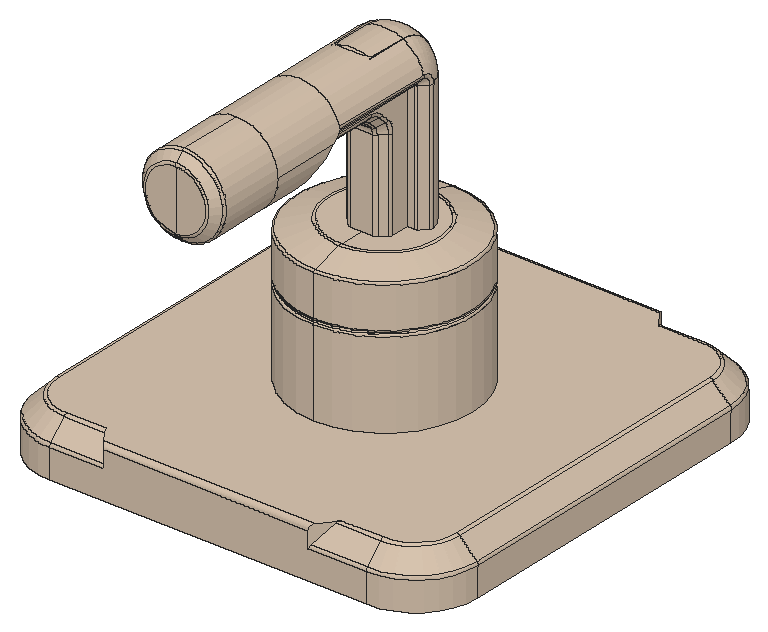
Revit family "Shower-Valve_Trim-KALLISTA-Vice-P34590", category Specialty Equipment, host Face, Revit 2021 (continued)
Definition of nested family "P34590"
  Automatic sketch dimensions
    Sweep 1 sketch curve to Sweep 1 sketch curve = 0.74803"  (x3)
    plane 6 to Sweep 1 sketch curve = 0.74803"
    Sweep 1 sketch curve to plane 4 = 1.24016"
    Sweep 1 sketch curve to level = 0"
    profile plane to Sweep 1 sketch curve = 0"
    profile plane to Sweep 1 sketch curve = 0.0173"
    Sweep 1 sketch curve to Sweep 1 sketch curve = 0.05906"
    profile plane to Sweep 1 sketch curve = 0.21882"
    Sweep 1 sketch curve to Sweep 1 sketch curve = 0.04176"  (x2)
    profile plane to Sweep 1 sketch curve = 0.29169"
    level to Sweep 1 sketch curve = 0.34965"
    Sweep 1 sketch curve to Sweep 1 sketch curve = 0.20153"
    plane 6 to Extrusion 2 sketch curve = 0.29169"
    Extrusion 2 sketch curve to Extrusion 2 sketch curve = 0.45634"  (x2)
    Extrusion 2 sketch curve to plane 7 = 0.74803"  (x2)
    Extrusion 2 sketch curve to plane 7 = 0.29169"
    Extrusion 2 sketch curve to plane 4 = 0.78382"
    plane 5 to Extrusion 2 sketch curve = 0.74803"
    Extrusion 3 sketch curve to plane 10 = 0"  (x2)
    Extrusion 3 sketch curve to plane 5 = 0"
    plane 5 to Extrusion 3 sketch curve = 0.05906"
    Extrusion 3 sketch curve to Extrusion 3 sketch curve = 0.37417"  (x2)
    Extrusion 3 sketch curve to plane 4 = 0.92535"
    Extrusion 3 sketch curve to plane 10 = 0.05906"
    level to Extrusion 3 sketch curve = 0.17701"  (x2)
    Revolve 4 sketch curve to plane 1 "Center (Front/Back)" = 0"  (x2)
    Revolve 4 sketch curve to plane 10 = 0"
    Revolve 4 sketch curve to Revolve 4 sketch curve = 83/128"
    Revolve 4 sketch curve to Revolve 4 sketch curve = 0.03376"
    Revolve 4 sketch curve to Revolve 4 sketch curve = 0.07298"
    Revolve 4 sketch curve to Revolve 4 sketch curve = 0.05785"
    Revolve 4 sketch curve to Revolve 4 sketch curve = 0.34824"
    Revolve 4 sketch curve to Revolve 4 sketch curve = 0.00843"
    Revolve 4 sketch curve to Revolve 4 sketch curve = 0.26102"
    Revolve 4 sketch curve to Revolve 4 sketch curve = 0.00173"
    Revolve 4 sketch curve to Revolve 4 sketch curve = 0.02953"
    Revolve 4 sketch curve to Revolve 4 sketch curve = 0.01969"
    Revolve 4 sketch curve to Revolve 4 sketch curve = 1.03366"
    Revolve 4 sketch curve to Revolve 4 sketch curve = 0.03008"
    Revolve 4 sketch curve to Revolve 4 sketch curve = 0.49109"
    Revolve 4 sketch curve to Revolve 4 sketch curve = 0.02117"
    Revolve 4 sketch curve to Revolve 4 sketch curve = 0.11335"
    Revolve 4 sketch curve to plane 9 = 0.84852"
    Revolve 4 sketch curve to plane 9 = 0.25797"
    Revolve 5 sketch curve to plane 1 "Center (Front/Back)" = 0"  (x2)
    Revolve 5 sketch curve to plane 10 = 0"
    Revolve 5 sketch curve to Revolve 5 sketch curve = 1.06167"
    Revolve 5 sketch curve to Revolve 5 sketch curve = 1.73365"
    Revolve 5 sketch curve to plane 9 = 0.84852"
    Revolve 5 sketch curve to plane 9 = 0.25797"
    plane 11 to Extrusion 6 sketch curve = 0.48682"  (x2)
    plane 11 to Extrusion 6 sketch curve = 0.05169"  (x2)
    Extrusion 6 sketch curve to plane 12 = 0.01556"  (x2)
    Extrusion 6 sketch curve to plane 12 = 0.4999"  (x2)
    Extrusion 6 sketch curve to plane 4 = 0.31297"  (x2)
    Extrusion 6 sketch curve to Extrusion 6 sketch curve = 0.59889"
    Extrusion 6 sketch curve to Extrusion 6 sketch curve = 0.66663"
    plane 5 to Extrusion 6 sketch curve = 0.48747"
    plane 5 to Extrusion 6 sketch curve = 0.41973"
    Extrusion 6 sketch curve to plane 5 = 0.17916"  (x2)
    Sweep 7 sketch curve to plane 9 = 0.76627"
    Sweep 7 sketch curve to plane 4 = 2.61051"
    Sweep 7 sketch curve to plane 9 = 0.79463"
    Sweep 7 sketch curve to Sweep 7 sketch curve = 0.06846"
    Sweep 7 sketch curve to Sweep 7 sketch curve = 0.08159"
    Sweep 7 sketch curve to plane 9 = 0.88956"
    Sweep 7 sketch curve to Sweep 7 sketch curve = 0.08181"
    Sweep 7 sketch curve to Sweep 7 sketch curve = 0.03389"
    Sweep 7 sketch curve to Sweep 7 sketch curve = 1.21379"
    Sweep 7 sketch curve to Sweep 7 sketch curve = 1.12513"
    Sweep 7 sketch curve to profile plane = 0"
    profile plane to Sweep 7 sketch curve = 0.01705"  (x2)
    profile plane to Sweep 7 sketch curve = 0.05713"
    Sweep 7 sketch curve to Sweep 7 sketch curve = 0.04009"
    profile plane to Sweep 7 sketch curve = 0.09601"  (x2)
    Sweep 7 sketch curve to Sweep 7 sketch curve = 0.04125"  (x2)
    Sweep 7 sketch curve to Sweep 7 sketch curve = 0.21146"
    Sweep 7 sketch curve to profile plane = 0.2703"
    Sweep 7 sketch curve to Sweep 7 sketch curve = 0.0169"
    Sweep 7 sketch curve to Sweep 7 sketch curve = 0.07776"
    profile plane to Sweep 7 sketch curve = 0.13493"
    Sweep 7 sketch curve to Sweep 7 sketch curve = 0.07657"
    Sweep 7 sketch curve to Sweep 7 sketch curve = 0.0419"
    Extrusion 8 sketch curve to plane 9 = 0.87183"
    Extrusion 8 sketch curve to plane 4 = 2.60177"
    Extrusion 8 sketch curve to Extrusion 8 sketch curve = 0.00874"
    Extrusion 8 sketch curve to Extrusion 8 sketch curve = 0.08137"
    Extrusion 8 sketch curve to plane 9 = 0.55678"
    Extrusion 8 sketch curve to Extrusion 8 sketch curve = 0.30632"
    Extrusion 8 sketch curve to plane 9 = 0.65149"
    Extrusion 8 sketch curve to Extrusion 8 sketch curve = 0.09471"
    Extrusion 8 sketch curve to Extrusion 8 sketch curve = 0.13595"
    Extrusion 8 sketch curve to Extrusion 8 sketch curve = 0.08589"
    Extrusion 8 sketch curve to plane 9 = 0.97137"
    Extrusion 8 sketch curve to plane 9 = 0.35789"
    Sweep 9 sketch curve to plane 9 = 0.51027"
    Sweep 9 sketch curve to plane 4 = 3.14181"
    Sweep 9 sketch curve to Sweep 9 sketch curve = 0.51181"
    Sweep 9 sketch curve to Sweep 9 sketch curve = 1.37795"
    Sweep 9 sketch curve to plane 9 = 2.14861"
    Sweep 9 sketch curve to profile plane = 0.37241"
    Sweep 9 sketch curve to profile plane = 0.37409"
    Sweep 9 sketch curve to Sweep 9 sketch curve = 0.02239"
    Sweep 9 sketch curve to Sweep 9 sketch curve = 0.02862"
    Sweep 9 sketch curve to Sweep 9 sketch curve = 0.08324"
    Sweep 9 sketch curve to Sweep 9 sketch curve = 0.08686"
    Sweep 9 sketch curve to Sweep 9 sketch curve = 0.02817"
    Sweep 9 sketch curve to Sweep 9 sketch curve = 0.02687"
    Sweep 9 sketch curve to Sweep 9 sketch curve = 0.01393"
    profile plane to Sweep 9 sketch curve = 0.0001"
    Sweep 9 sketch curve to Sweep 9 sketch curve = 0.00033"
    Sweep 9 sketch curve to profile plane = 0.36263"
    Sweep 9 sketch curve to Sweep 9 sketch curve = 0.08657"
    Sweep 9 sketch curve to Sweep 9 sketch curve = 0.02487"
    profile plane to Sweep 9 sketch curve = 0.36454"
    Sweep 9 sketch curve to Sweep 9 sketch curve = 0.0747"
    Sweep 9 sketch curve to Sweep 9 sketch curve = 0.03178"
    Sweep 9 sketch curve to Sweep 9 sketch curve = 0"
    plane 3 "Center (Left/Right)" to Extrusion 10 sketch curve = 0.0001"
    Extrusion 10 sketch curve to plane 9 = 0.49821"
    Revolve 11 sketch curve to plane 9 = 0.49821"
    Revolve 11 sketch curve to plane 4 = 0.00423"
    Revolve 11 sketch curve to plane 9 = 0.1048"
    Revolve 11 sketch curve to Revolve 11 sketch curve = 0.01202"
    Revolve 11 sketch curve to Revolve 11 sketch curve = 0.02901"
    Revolve 11 sketch curve to plane 9 = 0.01315"
    Revolve 11 sketch curve to Revolve 11 sketch curve = 0.09166"
    Revolve 11 sketch curve to Revolve 11 sketch curve = 0.03605"  (x2)
    Revolve 11 sketch curve to Revolve 11 sketch curve = 0.77894"
    Revolve 11 sketch curve to Revolve 11 sketch curve = 0.10245"
    Revolve 11 sketch curve to Revolve 11 sketch curve = 0"
    Extrusion 12 sketch curve to plane 9 = 1.00823"
    Extrusion 12 sketch curve to plane 4 = 1.24253"
    Extrusion 12 sketch curve to plane 9 = 0.38563"
    Extrusion 12 sketch curve to Extrusion 12 sketch curve = 0.6226"
    Extrusion 12 sketch curve to Extrusion 12 sketch curve = 0.22015"
    Sweep 13 sketch curve to plane 9 = 0.10352"
    Sweep 13 sketch curve to plane 4 = 2.65194"
    Sweep 13 sketch curve to plane 9 = 0.50059"
    Sweep 13 sketch curve to Sweep 13 sketch curve = 0.49793"
    Sweep 13 sketch curve to Sweep 13 sketch curve = 0.39707"
    Sweep 13 sketch curve to Sweep 13 sketch curve = 0.09843"
    Sweep 13 sketch curve to plane 9 = 1.02035"
    Sweep 13 sketch curve to Sweep 13 sketch curve = 0.08642"
    Sweep 13 sketch curve to Sweep 13 sketch curve = 0.03784"
    profile plane to Sweep 13 sketch curve = 0.00293"
    profile plane to Sweep 13 sketch curve = 0.48874"
    profile plane to Sweep 13 sketch curve = 0.09079"
    Sweep 13 sketch curve to Sweep 13 sketch curve = 0.03519"
    Sweep 13 sketch curve to Sweep 13 sketch curve = 0.0375"
    Sweep 13 sketch curve to profile plane = 0.22348"
    Sweep 14 sketch curve to plane 9 = 0.06484"
    Sweep 14 sketch curve to plane 4 = 2.77624"
    Sweep 14 sketch curve to Sweep 14 sketch curve = 0.37214"
    Sweep 14 sketch curve to Sweep 14 sketch curve = 0.4376"
    Sweep 14 sketch curve to Sweep 14 sketch curve = 0.34692"
    Sweep 14 sketch curve to plane 9 = 0.87143"
    Sweep 14 sketch curve to Sweep 14 sketch curve = 0.30978"
    Sweep 14 sketch curve to Sweep 14 sketch curve = 0.22406"
    Sweep 14 sketch curve to Sweep 14 sketch curve = 0.08558"
    Sweep 14 sketch curve to profile plane = 0"
    Sweep 14 sketch curve to profile plane = 0.07543"
    Sweep 14 sketch curve to profile plane = 0.22348"
    profile plane to Sweep 14 sketch curve = 0.22486"
    Extrusion 15 sketch curve to plane 9 = 1.16456"
    Extrusion 15 sketch curve to plane 4 = 1.0862"
    Extrusion 15 sketch curve to plane 9 = 0.21652"
    Extrusion 15 sketch curve to Extrusion 15 sketch curve = 0.94804"
    radius of Extrusion 10 sketch curve = 1/2"
Types (6): name | Type | Secondary Finish | Model | Finish | Assembly Code
  (no name) | 1 | Kallista-Metal-BAF-Brushed_French_Gold | "P34590-BAF-AF" | Kallista-Metal-AF-French_Gold | "C1030200"
  Bruhsed Bronze, CP-Chrome | 4 | Kallista-Metal-BV-Brushed_Bronze | "P34590-BV-CP" | Kallista-Metal-CP-Chrome | "D2010700"
  Bruhsed French Gold, AF-French Gold | 1 | Kallista-Metal-BAF-Brushed_French_Gold | "P34590-BAF-AF" | Kallista-Metal-AF-French_Gold | "C1030200"
  Chrome, CP-Chrome | 5 | Kallista-Metal-CP-Chrome | "P34590-CP-CP" | Kallista-Metal-CP-Chrome | "D2010700"
  Vibrant Bruhsed Nickel, BGP | 2 | Kallista-Metal-BN-Brushed_Nickel | "P34590-BN-BGP" | Kallista-Metal-BGP | "D2010700"
  Vibrant Bruhsed Nickel, SN-Polished Nickel | 3 | Kallista-Metal-BN-Brushed_Nickel | "P34590-BN-SN" | Kallista-Metal-SN-Polished_Nickel | "D2010700"
